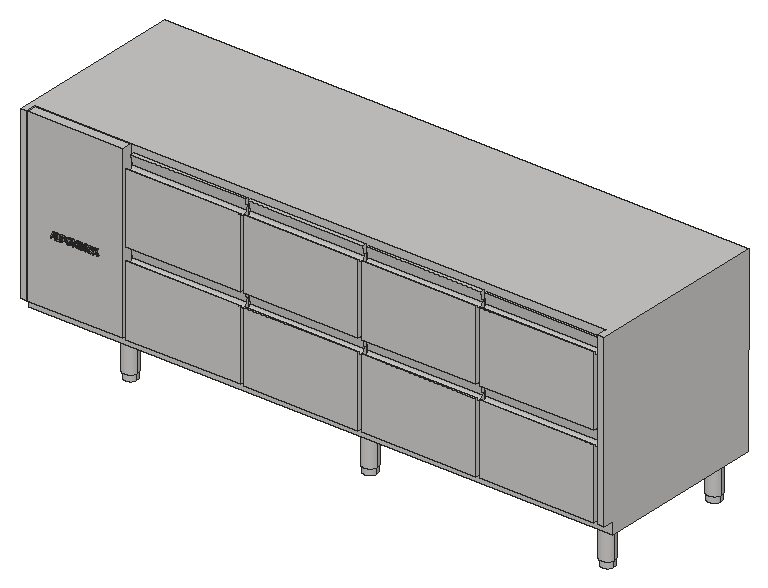
Revit family "QF_ALPENINOX_712086_AH4H7BBBB", category Specialty Equipment, Revit 2018 (continued)
Definition of nested family "ALP_Cooling Unit"
  Lines and regions (mm)
    Split face 130
      outline origin (55.016, 2, -281.14) x (0, 0, 1) y (-1, 0, 0)
        loop
          arc (502.647, 116.535) -> (506.648, 112.533) -> (510.649, 116.535) r 4.001
          line (510.649, 116.535) -> (510.649, 158.547)
    Split face 131
      outline origin (55.016, 2, -293.144) x (0, 0, 1) y (-1, 0, 0)
        loop
          arc (510.649, 158.547) -> (506.648, 162.548) -> (502.647, 158.547) r 4.001
          line (502.647, 158.547) -> (502.647, 116.535)
          arc (502.647, 116.535) -> (506.648, 112.533) -> (510.649, 116.535) r 4.001
          line (510.649, 116.535) -> (510.649, 158.547)
    Split face 132
      outline origin (110.032, 2, -113.091) x (0, 0, 1) y (-1, 0, 0)
        loop
          arc (510.649, 158.547) -> (506.648, 162.548) -> (502.647, 158.547) r 4.001
          line (502.647, 158.547) -> (502.647, 116.535)
          arc (502.647, 116.535) -> (506.648, 112.533) -> (510.649, 116.535) r 4.001
          line (510.649, 116.535) -> (510.649, 158.547)
    Split face 133
      outline origin (110.032, 2, -125.094) x (0, 0, 1) y (-1, 0, 0)
        loop
          arc (510.649, 158.547) -> (506.648, 162.548) -> (502.647, 158.547) r 4.001
          line (502.647, 158.547) -> (502.647, 116.535)
          arc (502.647, 116.535) -> (506.648, 112.533) -> (510.649, 116.535) r 4.001
          line (510.649, 116.535) -> (510.649, 158.547)
    Split face 134
      outline origin (110.032, 2, -137.098) x (0, 0, 1) y (-1, 0, 0)
        loop
          arc (510.649, 158.547) -> (506.648, 162.548) -> (502.647, 158.547) r 4.001
          line (502.647, 158.547) -> (502.647, 116.535)
          arc (502.647, 116.535) -> (506.648, 112.533) -> (510.649, 116.535) r 4.001
          line (510.649, 116.535) -> (510.649, 158.547)
    Split face 135
      outline origin (110.032, 2, -149.101) x (0, 0, 1) y (-1, 0, 0)
        loop
          arc (510.649, 158.547) -> (506.648, 162.548) -> (502.647, 158.547) r 4.001
          line (502.647, 158.547) -> (502.647, 116.535)
          arc (502.647, 116.535) -> (506.648, 112.533) -> (510.649, 116.535) r 4.001
          line (510.649, 116.535) -> (510.649, 158.547)
    Split face 136
      outline origin (110.032, 2, -161.105) x (0, 0, 1) y (-1, 0, 0)
        loop
          arc (510.649, 158.547) -> (506.648, 162.548) -> (502.647, 158.547) r 4.001
          line (502.647, 158.547) -> (502.647, 116.535)
          arc (502.647, 116.535) -> (506.648, 112.533) -> (510.649, 116.535) r 4.001
          line (510.649, 116.535) -> (510.649, 158.547)
    Split face 137
      outline origin (110.032, 2, -173.108) x (0, 0, 1) y (-1, 0, 0)
        loop
          arc (510.649, 158.547) -> (506.648, 162.548) -> (502.647, 158.547) r 4.001
          line (502.647, 158.547) -> (502.647, 116.535)
          arc (502.647, 116.535) -> (506.648, 112.533) -> (510.649, 116.535) r 4.001
          line (510.649, 116.535) -> (510.649, 158.547)
    Split face 138
      outline origin (110.032, 2, -185.112) x (0, 0, 1) y (-1, 0, 0)
        loop
          arc (510.649, 158.547) -> (506.648, 162.548) -> (502.647, 158.547) r 4.001
          line (502.647, 158.547) -> (502.647, 116.535)
          arc (502.647, 116.535) -> (506.648, 112.533) -> (510.649, 116.535) r 4.001
          line (510.649, 116.535) -> (510.649, 158.547)
    Split face 139
      outline origin (110.032, 2, -197.115) x (0, 0, 1) y (-1, 0, 0)
        loop
          arc (510.649, 158.547) -> (506.648, 162.548) -> (502.647, 158.547) r 4.001
          line (502.647, 158.547) -> (502.647, 116.535)
          arc (502.647, 116.535) -> (506.648, 112.533) -> (510.649, 116.535) r 4.001
          line (510.649, 116.535) -> (510.649, 158.547)
    Split face 140
      outline origin (110.032, 2, -209.119) x (0, 0, 1) y (-1, 0, 0)
        loop
          arc (510.649, 158.547) -> (506.648, 162.548) -> (502.647, 158.547) r 4.001
          line (502.647, 158.547) -> (502.647, 116.535)
          arc (502.647, 116.535) -> (506.648, 112.533) -> (510.649, 116.535) r 4.001
          line (510.649, 116.535) -> (510.649, 158.547)
    Split face 141
      outline origin (110.032, 2, -221.122) x (0, 0, 1) y (-1, 0, 0)
        loop
          arc (510.649, 158.547) -> (506.648, 162.548) -> (502.647, 158.547) r 4.001
          line (502.647, 158.547) -> (502.647, 116.535)
          arc (502.647, 116.535) -> (506.648, 112.533) -> (510.649, 116.535) r 4.001
          line (510.649, 116.535) -> (510.649, 158.547)
    Split face 142
      outline origin (110.032, 2, -233.126) x (0, 0, 1) y (-1, 0, 0)
        loop
          arc (510.649, 158.547) -> (506.648, 162.548) -> (502.647, 158.547) r 4.001
          line (502.647, 158.547) -> (502.647, 116.535)
          arc (502.647, 116.535) -> (506.648, 112.533) -> (510.649, 116.535) r 4.001
          line (510.649, 116.535) -> (510.649, 158.547)
    Split face 143
      outline origin (110.032, 2, -245.129) x (0, 0, 1) y (-1, 0, 0)
        loop
          arc (510.649, 158.547) -> (506.648, 162.548) -> (502.647, 158.547) r 4.001
          line (502.647, 158.547) -> (502.647, 116.535)
          arc (502.647, 116.535) -> (506.648, 112.533) -> (510.649, 116.535) r 4.001
          line (510.649, 116.535) -> (510.649, 158.547)
    Split face 144
      outline origin (110.032, 2, -257.133) x (0, 0, 1) y (-1, 0, 0)
        loop
          arc (510.649, 158.547) -> (506.648, 162.548) -> (502.647, 158.547) r 4.001
          line (502.647, 158.547) -> (502.647, 116.535)
          arc (502.647, 116.535) -> (506.648, 112.533) -> (510.649, 116.535) r 4.001
          line (510.649, 116.535) -> (510.649, 158.547)
    Split face 145
      outline origin (110.032, 2, -269.136) x (0, 0, 1) y (-1, 0, 0)
        loop
          arc (510.649, 158.547) -> (506.648, 162.548) -> (502.647, 158.547) r 4.001
          line (502.647, 158.547) -> (502.647, 116.535)
          arc (502.647, 116.535) -> (506.648, 112.533) -> (510.649, 116.535) r 4.001
          line (510.649, 116.535) -> (510.649, 158.547)
    Split face 146
      outline origin (110.032, 2, -281.14) x (0, 0, 1) y (-1, 0, 0)
        loop
          arc (510.649, 158.547) -> (506.648, 162.548) -> (502.647, 158.547) r 4.001
          line (502.647, 158.547) -> (502.647, 116.535)
          arc (502.647, 116.535) -> (506.648, 112.533) -> (510.649, 116.535) r 4.001
          line (510.649, 116.535) -> (510.649, 158.547)
    Split face 147
      outline origin (110.032, 2, -293.144) x (0, 0, 1) y (-1, 0, 0)
        loop
          arc (510.649, 158.547) -> (506.648, 162.548) -> (502.647, 158.547) r 4.001
          line (502.647, 158.547) -> (502.647, 116.535)
          arc (502.647, 116.535) -> (506.648, 112.533) -> (510.649, 116.535) r 4.001
          line (510.649, 116.535) -> (510.649, 158.547)
    Split face 148
      outline origin (165.048, 2, -113.091) x (0, 0, 1) y (-1, 0, 0)
        loop
          arc (510.649, 158.547) -> (506.648, 162.548) -> (502.647, 158.547) r 4.001
          line (502.647, 158.547) -> (502.647, 116.535)
          arc (502.647, 116.535) -> (506.648, 112.533) -> (510.649, 116.535) r 4.001
          line (510.649, 116.535) -> (510.649, 158.547)
    Split face 149
      outline origin (165.048, 2, -125.094) x (0, 0, 1) y (-1, 0, 0)
        loop
          arc (510.649, 158.547) -> (506.648, 162.548) -> (502.647, 158.547) r 4.001
          line (502.647, 158.547) -> (502.647, 116.535)
          arc (502.647, 116.535) -> (506.648, 112.533) -> (510.649, 116.535) r 4.001
          line (510.649, 116.535) -> (510.649, 158.547)
    Split face 150
      outline origin (165.048, 2, -137.098) x (0, 0, 1) y (-1, 0, 0)
        loop
          arc (510.649, 158.547) -> (506.648, 162.548) -> (502.647, 158.547) r 4.001
          line (502.647, 158.547) -> (502.647, 116.535)
          arc (502.647, 116.535) -> (506.648, 112.533) -> (510.649, 116.535) r 4.001
          line (510.649, 116.535) -> (510.649, 158.547)
    Split face 151
      outline origin (165.048, 2, -149.101) x (0, 0, 1) y (-1, 0, 0)
        loop
          arc (510.649, 158.547) -> (506.648, 162.548) -> (502.647, 158.547) r 4.001
          line (502.647, 158.547) -> (502.647, 116.535)
          arc (502.647, 116.535) -> (506.648, 112.533) -> (510.649, 116.535) r 4.001
          line (510.649, 116.535) -> (510.649, 158.547)
    Split face 152
      outline origin (165.048, 2, -161.105) x (0, 0, 1) y (-1, 0, 0)
        loop
          arc (510.649, 158.547) -> (506.648, 162.548) -> (502.647, 158.547) r 4.001
          line (502.647, 158.547) -> (502.647, 116.535)
          arc (502.647, 116.535) -> (506.648, 112.533) -> (510.649, 116.535) r 4.001
          line (510.649, 116.535) -> (510.649, 158.547)
    Split face 153
      outline origin (165.048, 2, -173.108) x (0, 0, 1) y (-1, 0, 0)
        loop
          arc (510.649, 158.547) -> (506.648, 162.548) -> (502.647, 158.547) r 4.001
          line (502.647, 158.547) -> (502.647, 116.535)
          arc (502.647, 116.535) -> (506.648, 112.533) -> (510.649, 116.535) r 4.001
          line (510.649, 116.535) -> (510.649, 158.547)
    Split face 154
      outline origin (165.048, 2, -185.112) x (0, 0, 1) y (-1, 0, 0)
        loop
          arc (510.649, 158.547) -> (506.648, 162.548) -> (502.647, 158.547) r 4.001
          line (502.647, 158.547) -> (502.647, 116.535)
          arc (502.647, 116.535) -> (506.648, 112.533) -> (510.649, 116.535) r 4.001
          line (510.649, 116.535) -> (510.649, 158.547)
    Split face 155
      outline origin (165.048, 2, -197.115) x (0, 0, 1) y (-1, 0, 0)
        loop
          arc (510.649, 158.547) -> (506.648, 162.548) -> (502.647, 158.547) r 4.001
          line (502.647, 158.547) -> (502.647, 116.535)
          arc (502.647, 116.535) -> (506.648, 112.533) -> (510.649, 116.535) r 4.001
          line (510.649, 116.535) -> (510.649, 158.547)
    Split face 156
      outline origin (165.048, 2, -209.119) x (0, 0, 1) y (-1, 0, 0)
        loop
          arc (510.649, 158.547) -> (506.648, 162.548) -> (502.647, 158.547) r 4.001
          line (502.647, 158.547) -> (502.647, 116.535)
          arc (502.647, 116.535) -> (506.648, 112.533) -> (510.649, 116.535) r 4.001
          line (510.649, 116.535) -> (510.649, 158.547)
    Split face 157
      outline origin (165.048, 2, -221.122) x (0, 0, 1) y (-1, 0, 0)
        loop
          arc (510.649, 158.547) -> (506.648, 162.548) -> (502.647, 158.547) r 4.001
          line (502.647, 158.547) -> (502.647, 116.535)
          arc (502.647, 116.535) -> (506.648, 112.533) -> (510.649, 116.535) r 4.001
          line (510.649, 116.535) -> (510.649, 158.547)
    Split face 158
      outline origin (165.048, 2, -233.126) x (0, 0, 1) y (-1, 0, 0)
        loop
          arc (510.649, 158.547) -> (506.648, 162.548) -> (502.647, 158.547) r 4.001
          line (502.647, 158.547) -> (502.647, 116.535)
          arc (502.647, 116.535) -> (506.648, 112.533) -> (510.649, 116.535) r 4.001
          line (510.649, 116.535) -> (510.649, 158.547)
    Split face 159
      outline origin (165.048, 2, -245.129) x (0, 0, 1) y (-1, 0, 0)
        loop
          arc (510.649, 158.547) -> (506.648, 162.548) -> (502.647, 158.547) r 4.001
          line (502.647, 158.547) -> (502.647, 116.535)
          arc (502.647, 116.535) -> (506.648, 112.533) -> (510.649, 116.535) r 4.001
          line (510.649, 116.535) -> (510.649, 158.547)
    Split face 160
      outline origin (165.048, 2, -257.133) x (0, 0, 1) y (-1, 0, 0)
        loop
          arc (510.649, 158.547) -> (506.648, 162.548) -> (502.647, 158.547) r 4.001
          line (502.647, 158.547) -> (502.647, 116.535)
          arc (502.647, 116.535) -> (506.648, 112.533) -> (510.649, 116.535) r 4.001
          line (510.649, 116.535) -> (510.649, 158.547)
    Split face 161
      outline origin (165.048, 2, -269.136) x (0, 0, 1) y (-1, 0, 0)
        loop
          arc (510.649, 158.547) -> (506.648, 162.548) -> (502.647, 158.547) r 4.001
          line (502.647, 158.547) -> (502.647, 116.535)
          arc (502.647, 116.535) -> (506.648, 112.533) -> (510.649, 116.535) r 4.001
          line (510.649, 116.535) -> (510.649, 158.547)
    Split face 162
      outline origin (165.048, 2, -281.14) x (0, 0, 1) y (-1, 0, 0)
        loop
          arc (510.649, 158.547) -> (506.648, 162.548) -> (502.647, 158.547) r 4.001
          line (502.647, 158.547) -> (502.647, 116.535)
          arc (502.647, 116.535) -> (506.648, 112.533) -> (510.649, 116.535) r 4.001
          line (510.649, 116.535) -> (510.649, 158.547)
    Split face 163
      outline origin (165.048, 2, -293.144) x (0, 0, 1) y (-1, 0, 0)
        loop
          arc (510.649, 158.547) -> (506.648, 162.548) -> (502.647, 158.547) r 4.001
          line (502.647, 158.547) -> (502.647, 116.535)
          arc (502.647, 116.535) -> (506.648, 112.533) -> (510.649, 116.535) r 4.001
          line (510.649, 116.535) -> (510.649, 158.547)
    Split face 164
      outline origin (220.064, 2, -113.091) x (0, 0, 1) y (-1, 0, 0)
        loop
          arc (510.649, 158.547) -> (506.648, 162.548) -> (502.647, 158.547) r 4.001
          line (502.647, 158.547) -> (502.647, 116.535)
          arc (502.647, 116.535) -> (506.648, 112.533) -> (510.649, 116.535) r 4.001
          line (510.649, 116.535) -> (510.649, 158.547)
    Split face 165
      outline origin (220.064, 2, -125.094) x (0, 0, 1) y (-1, 0, 0)
        loop
          arc (510.649, 158.547) -> (506.648, 162.548) -> (502.647, 158.547) r 4.001
          line (502.647, 158.547) -> (502.647, 116.535)
          arc (502.647, 116.535) -> (506.648, 112.533) -> (510.649, 116.535) r 4.001
          line (510.649, 116.535) -> (510.649, 158.547)
    Split face 166
      outline origin (220.064, 2, -137.098) x (0, 0, 1) y (-1, 0, 0)
        loop
          arc (510.649, 158.547) -> (506.648, 162.548) -> (502.647, 158.547) r 4.001
          line (502.647, 158.547) -> (502.647, 116.535)
          arc (502.647, 116.535) -> (506.648, 112.533) -> (510.649, 116.535) r 4.001
          line (510.649, 116.535) -> (510.649, 158.547)
    Split face 167
      outline origin (220.064, 2, -149.101) x (0, 0, 1) y (-1, 0, 0)
        loop
          arc (510.649, 158.547) -> (506.648, 162.548) -> (502.647, 158.547) r 4.001
          line (502.647, 158.547) -> (502.647, 116.535)
          arc (502.647, 116.535) -> (506.648, 112.533) -> (510.649, 116.535) r 4.001
          line (510.649, 116.535) -> (510.649, 158.547)
    Split face 168
      outline origin (220.064, 2, -161.105) x (0, 0, 1) y (-1, 0, 0)
        loop
          arc (510.649, 158.547) -> (506.648, 162.548) -> (502.647, 158.547) r 4.001
          line (502.647, 158.547) -> (502.647, 116.535)
          arc (502.647, 116.535) -> (506.648, 112.533) -> (510.649, 116.535) r 4.001
          line (510.649, 116.535) -> (510.649, 158.547)
    Split face 169
      outline origin (220.064, 2, -173.108) x (0, 0, 1) y (-1, 0, 0)
        loop
          arc (510.649, 158.547) -> (506.648, 162.548) -> (502.647, 158.547) r 4.001
          line (502.647, 158.547) -> (502.647, 116.535)
          arc (502.647, 116.535) -> (506.648, 112.533) -> (510.649, 116.535) r 4.001
          line (510.649, 116.535) -> (510.649, 158.547)
    Split face 170
      outline origin (220.064, 2, -185.112) x (0, 0, 1) y (-1, 0, 0)
        loop
          arc (510.649, 158.547) -> (506.648, 162.548) -> (502.647, 158.547) r 4.001
          line (502.647, 158.547) -> (502.647, 116.535)
          arc (502.647, 116.535) -> (506.648, 112.533) -> (510.649, 116.535) r 4.001
          line (510.649, 116.535) -> (510.649, 158.547)
    Split face 171
      outline origin (220.064, 2, -197.115) x (0, 0, 1) y (-1, 0, 0)
        loop
          arc (510.649, 158.547) -> (506.648, 162.548) -> (502.647, 158.547) r 4.001
          line (502.647, 158.547) -> (502.647, 116.535)
          arc (502.647, 116.535) -> (506.648, 112.533) -> (510.649, 116.535) r 4.001
          line (510.649, 116.535) -> (510.649, 158.547)
    Split face 172
      outline origin (220.064, 2, -209.119) x (0, 0, 1) y (-1, 0, 0)
        loop
          arc (510.649, 158.547) -> (506.648, 162.548) -> (502.647, 158.547) r 4.001
          line (502.647, 158.547) -> (502.647, 116.535)
          arc (502.647, 116.535) -> (506.648, 112.533) -> (510.649, 116.535) r 4.001
          line (510.649, 116.535) -> (510.649, 158.547)
    Split face 173
      outline origin (220.064, 2, -221.122) x (0, 0, 1) y (-1, 0, 0)
        loop
          arc (510.649, 158.547) -> (506.648, 162.548) -> (502.647, 158.547) r 4.001
          line (502.647, 158.547) -> (502.647, 116.535)
          arc (502.647, 116.535) -> (506.648, 112.533) -> (510.649, 116.535) r 4.001
          line (510.649, 116.535) -> (510.649, 158.547)
    Split face 174
      outline origin (220.064, 2, -233.126) x (0, 0, 1) y (-1, 0, 0)
        loop
          arc (510.649, 158.547) -> (506.648, 162.548) -> (502.647, 158.547) r 4.001
          line (502.647, 158.547) -> (502.647, 116.535)
          arc (502.647, 116.535) -> (506.648, 112.533) -> (510.649, 116.535) r 4.001
          line (510.649, 116.535) -> (510.649, 158.547)
    Split face 175
      outline origin (220.064, 2, -245.129) x (0, 0, 1) y (-1, 0, 0)
        loop
          arc (510.649, 158.547) -> (506.648, 162.548) -> (502.647, 158.547) r 4.001
          line (502.647, 158.547) -> (502.647, 116.535)
          arc (502.647, 116.535) -> (506.648, 112.533) -> (510.649, 116.535) r 4.001
          line (510.649, 116.535) -> (510.649, 158.547)
    Split face 176
      outline origin (220.064, 2, -257.133) x (0, 0, 1) y (-1, 0, 0)
        loop
          arc (510.649, 158.547) -> (506.648, 162.548) -> (502.647, 158.547) r 4.001
          line (502.647, 158.547) -> (502.647, 116.535)
          arc (502.647, 116.535) -> (506.648, 112.533) -> (510.649, 116.535) r 4.001
          line (510.649, 116.535) -> (510.649, 158.547)
    Split face 177
      outline origin (220.064, 2, -269.136) x (0, 0, 1) y (-1, 0, 0)
        loop
          arc (510.649, 158.547) -> (506.648, 162.548) -> (502.647, 158.547) r 4.001
          line (502.647, 158.547) -> (502.647, 116.535)
          arc (502.647, 116.535) -> (506.648, 112.533) -> (510.649, 116.535) r 4.001
          line (510.649, 116.535) -> (510.649, 158.547)
    Split face 178
      outline origin (220.064, 2, -281.14) x (0, 0, 1) y (-1, 0, 0)
        loop
          arc (510.649, 158.547) -> (506.648, 162.548) -> (502.647, 158.547) r 4.001
          line (502.647, 158.547) -> (502.647, 116.535)
          arc (502.647, 116.535) -> (506.648, 112.533) -> (510.649, 116.535) r 4.001
          line (510.649, 116.535) -> (510.649, 158.547)
    Split face 179
      outline origin (220.064, 2, -293.144) x (0, 0, 1) y (-1, 0, 0)
        loop
          arc (510.649, 158.547) -> (506.648, 162.548) -> (502.647, 158.547) r 4.001
          line (502.647, 158.547) -> (502.647, 116.535)
          arc (502.647, 116.535) -> (506.648, 112.533) -> (510.649, 116.535) r 4.001
          line (510.649, 116.535) -> (510.649, 158.547)
    Split face 180
      outline origin (275.081, 2, -113.091) x (0, 0, 1) y (-1, 0, 0)
        loop
          arc (510.649, 158.547) -> (506.648, 162.548) -> (502.647, 158.547) r 4.001
          line (502.647, 158.547) -> (502.647, 116.535)
          arc (502.647, 116.535) -> (506.648, 112.533) -> (510.649, 116.535) r 4.001
          line (510.649, 116.535) -> (510.649, 158.547)
    Split face 181
      outline origin (275.081, 2, -125.094) x (0, 0, 1) y (-1, 0, 0)
        loop
          arc (510.649, 158.547) -> (506.648, 162.548) -> (502.647, 158.547) r 4.001
          line (502.647, 158.547) -> (502.647, 116.535)
          arc (502.647, 116.535) -> (506.648, 112.533) -> (510.649, 116.535) r 4.001
          line (510.649, 116.535) -> (510.649, 158.547)
    Split face 182
      outline origin (275.081, 2, -137.098) x (0, 0, 1) y (-1, 0, 0)
        loop
          arc (510.649, 158.547) -> (506.648, 162.548) -> (502.647, 158.547) r 4.001
          line (502.647, 158.547) -> (502.647, 116.535)
          arc (502.647, 116.535) -> (506.648, 112.533) -> (510.649, 116.535) r 4.001
          line (510.649, 116.535) -> (510.649, 158.547)
    Split face 183
      outline origin (275.081, 2, -149.101) x (0, 0, 1) y (-1, 0, 0)
        loop
          arc (510.649, 158.547) -> (506.648, 162.548) -> (502.647, 158.547) r 4.001
          line (502.647, 158.547) -> (502.647, 116.535)
          arc (502.647, 116.535) -> (506.648, 112.533) -> (510.649, 116.535) r 4.001
          line (510.649, 116.535) -> (510.649, 158.547)
    Split face 184
      outline origin (275.081, 2, -161.105) x (0, 0, 1) y (-1, 0, 0)
        loop
          arc (510.649, 158.547) -> (506.648, 162.548) -> (502.647, 158.547) r 4.001
          line (502.647, 158.547) -> (502.647, 116.535)
          arc (502.647, 116.535) -> (506.648, 112.533) -> (510.649, 116.535) r 4.001
          line (510.649, 116.535) -> (510.649, 158.547)
    Split face 185
      outline origin (275.081, 2, -173.108) x (0, 0, 1) y (-1, 0, 0)
        loop
          arc (510.649, 158.547) -> (506.648, 162.548) -> (502.647, 158.547) r 4.001
          line (502.647, 158.547) -> (502.647, 116.535)
          arc (502.647, 116.535) -> (506.648, 112.533) -> (510.649, 116.535) r 4.001
          line (510.649, 116.535) -> (510.649, 158.547)
    Split face 186
      outline origin (275.081, 2, -185.112) x (0, 0, 1) y (-1, 0, 0)
        loop
          arc (510.649, 158.547) -> (506.648, 162.548) -> (502.647, 158.547) r 4.001
          line (502.647, 158.547) -> (502.647, 116.535)
          arc (502.647, 116.535) -> (506.648, 112.533) -> (510.649, 116.535) r 4.001
          line (510.649, 116.535) -> (510.649, 158.547)
    Split face 187
      outline origin (275.081, 2, -197.115) x (0, 0, 1) y (-1, 0, 0)
        loop
          arc (510.649, 158.547) -> (506.648, 162.548) -> (502.647, 158.547) r 4.001
          line (502.647, 158.547) -> (502.647, 116.535)
          arc (502.647, 116.535) -> (506.648, 112.533) -> (510.649, 116.535) r 4.001
          line (510.649, 116.535) -> (510.649, 158.547)
    Split face 188
      outline origin (275.081, 2, -209.119) x (0, 0, 1) y (-1, 0, 0)
        loop
          arc (510.649, 158.547) -> (506.648, 162.548) -> (502.647, 158.547) r 4.001
          line (502.647, 158.547) -> (502.647, 116.535)
          arc (502.647, 116.535) -> (506.648, 112.533) -> (510.649, 116.535) r 4.001
          line (510.649, 116.535) -> (510.649, 158.547)
    Split face 189
      outline origin (275.081, 2, -221.122) x (0, 0, 1) y (-1, 0, 0)
        loop
          arc (510.649, 158.547) -> (506.648, 162.548) -> (502.647, 158.547) r 4.001
          line (502.647, 158.547) -> (502.647, 116.535)
          arc (502.647, 116.535) -> (506.648, 112.533) -> (510.649, 116.535) r 4.001
          line (510.649, 116.535) -> (510.649, 158.547)
    Split face 190
      outline origin (275.081, 2, -233.126) x (0, 0, 1) y (-1, 0, 0)
        loop
          arc (510.649, 158.547) -> (506.648, 162.548) -> (502.647, 158.547) r 4.001
          line (502.647, 158.547) -> (502.647, 116.535)
          arc (502.647, 116.535) -> (506.648, 112.533) -> (510.649, 116.535) r 4.001
          line (510.649, 116.535) -> (510.649, 158.547)
    Split face 191
      outline origin (275.081, 2, -245.129) x (0, 0, 1) y (-1, 0, 0)
        loop
          arc (510.649, 158.547) -> (506.648, 162.548) -> (502.647, 158.547) r 4.001
          line (502.647, 158.547) -> (502.647, 116.535)
          arc (502.647, 116.535) -> (506.648, 112.533) -> (510.649, 116.535) r 4.001
          line (510.649, 116.535) -> (510.649, 158.547)
    Split face 192
      outline origin (275.081, 2, -257.133) x (0, 0, 1) y (-1, 0, 0)
        loop
          arc (510.649, 158.547) -> (506.648, 162.548) -> (502.647, 158.547) r 4.001
          line (502.647, 158.547) -> (502.647, 116.535)
          arc (502.647, 116.535) -> (506.648, 112.533) -> (510.649, 116.535) r 4.001
          line (510.649, 116.535) -> (510.649, 158.547)
    Split face 193
      outline origin (275.081, 2, -269.136) x (0, 0, 1) y (-1, 0, 0)
        loop
          arc (510.649, 158.547) -> (506.648, 162.548) -> (502.647, 158.547) r 4.001
          line (502.647, 158.547) -> (502.647, 116.535)
          arc (502.647, 116.535) -> (506.648, 112.533) -> (510.649, 116.535) r 4.001
          line (510.649, 116.535) -> (510.649, 158.547)
    Split face 194
      outline origin (275.081, 2, -281.14) x (0, 0, 1) y (-1, 0, 0)
        loop
          arc (510.649, 158.547) -> (506.648, 162.548) -> (502.647, 158.547) r 4.001
          line (502.647, 158.547) -> (502.647, 116.535)
          arc (502.647, 116.535) -> (506.648, 112.533) -> (510.649, 116.535) r 4.001
          line (510.649, 116.535) -> (510.649, 158.547)
    Split face 195
      outline origin (275.081, 2, -293.144) x (0, 0, 1) y (-1, 0, 0)
        loop
          arc (510.649, 158.547) -> (506.648, 162.548) -> (502.647, 158.547) r 4.001
          line (502.647, 158.547) -> (502.647, 116.535)
          arc (502.647, 116.535) -> (506.648, 112.533) -> (510.649, 116.535) r 4.001
          line (510.649, 116.535) -> (510.649, 158.547)
  Dimensions and locks
    aligned and locked: level to plane 2
  Nested families
    nested 1: "ALP_Logo_S" at (0, 2, 458.586) x (1, 0, 0) z (0, -1, 0), visible <- "Show Logo", type "ALP_Logo_S"
  Definition of nested family "ALP_Logo_S"
    Parameters
      Default Elevation = 0 mm
    Reference planes
      plane 1 "Centro (Fronte/Retro)": y = 0
      plane 2: z = 0
      plane 3 "Centro (Sinistra/Destra)": x = 0
    Forms (mm)
      Extrusion 1, solid
        sketch origin (0, 0, 0) x (1, 0, 0) y (0, 1, 0)
          loop
            line (-1219.2, 1219.2) -> (-1219.2, -1219.2) -> (1219.2, -1219.2) -> (1219.2, 1219.2) -> (-1219.2, 1219.2)
        from 0 to -304.8
      Extrusion 2, solid
        sketch origin (17.793, -46.218, 0) x (-1, 0, 0) y (0, -1, 0)
          loop
            line (109.007, -37.469) -> (109.244, -36.361)
            spline (109.244, -36.361) -> (109.221, -36.03) -> (109.153, -35.716) -> (109.043, -35.42) -> (108.895, -35.146) -> (108.713, -34.896) -> (108.498, -34.671) -> (108.255, -34.475) -> (107.987, -34.309) -> (107.697, -34.176) -> (107.388, -34.078) -> (107.064, -34.017) -> (106.728, -33.997)
            spline (106.728, -33.997) -> (106.393, -34.012) -> (106.085, -34.057) -> (105.803, -34.129) -> (105.547, -34.228) -> (105.315, -34.352) -> (105.105, -34.499) -> (104.918, -34.668) -> (104.752, -34.858) -> (104.605, -35.066) -> (104.478, -35.291) -> (104.368, -35.532) -> (104.275, -35.787)
            line (104.275, -35.787) -> (103.256, -38.92) -> (93.799, -38.92) -> (92.773, -35.75)
            spline (92.773, -35.75) -> (92.68, -35.504) -> (92.57, -35.27) -> (92.443, -35.05) -> (92.296, -34.847) -> (92.129, -34.661) -> (91.941, -34.495) -> (91.729, -34.35) -> (91.494, -34.227) -> (91.234, -34.129) -> (90.948, -34.056) -> (90.634, -34.012) -> (90.292, -33.997)
            spline (90.292, -33.997) -> (89.98, -34.015) -> (89.679, -34.07) -> (89.392, -34.16) -> (89.122, -34.282) -> (88.871, -34.436) -> (88.644, -34.618) -> (88.442, -34.828) -> (88.271, -35.063) -> (88.132, -35.322) -> (88.028, -35.604) -> (87.964, -35.905) -> (87.942, -36.225)
            line (87.942, -36.225) -> (88.215, -37.469) -> (94.885, -55.826)
            spline (94.885, -55.826) -> (95.044, -56.22) -> (95.23, -56.593) -> (95.444, -56.943) -> (95.685, -57.268) -> (95.953, -57.564) -> (96.246, -57.829) -> (96.565, -58.06) -> (96.909, -58.255) -> (97.278, -58.412) -> (97.672, -58.527) -> (98.088, -58.597) -> (98.529, -58.622)
            spline (98.529, -58.622) -> (98.953, -58.596) -> (99.359, -58.522) -> (99.746, -58.402) -> (100.112, -58.241) -> (100.457, -58.04) -> (100.78, -57.804) -> (101.078, -57.536) -> (101.351, -57.238) -> (101.599, -56.916) -> (101.818, -56.57) -> (102.009, -56.206) -> (102.171, -55.826)
            line (102.171, -55.826) -> (109.007, -37.469)
          loop
            line (101.794, -43.576) -> (95.326, -43.576) -> (98.522, -53.458) -> (101.794, -43.576)
          loop
            spline (85.755, -36.964) -> (85.735, -36.556) -> (85.675, -36.175) -> (85.576, -35.822) -> (85.439, -35.499) -> (85.266, -35.208) -> (85.056, -34.95) -> (84.812, -34.727) -> (84.534, -34.541) -> (84.223, -34.394) -> (83.881, -34.286) -> (83.507, -34.22) -> (83.104, -34.198)
            line (83.104, -34.198) -> (74.598, -34.198)
            spline (74.598, -34.198) -> (74.236, -34.221) -> (73.9, -34.286) -> (73.592, -34.39) -> (73.311, -34.528) -> (73.058, -34.698) -> (72.835, -34.895) -> (72.641, -35.114) -> (72.478, -35.354) -> (72.347, -35.608) -> (72.247, -35.874) -> (72.181, -36.148) -> (72.148, -36.426)
            spline (72.148, -36.426) -> (72.156, -36.715) -> (72.197, -37.004) -> (72.272, -37.289) -> (72.382, -37.565) -> (72.528, -37.827) -> (72.709, -38.07) -> (72.927, -38.288) -> (73.183, -38.478) -> (73.478, -38.635) -> (73.811, -38.752) -> (74.184, -38.827) -> (74.598, -38.852)
            line (74.598, -38.852) -> (80.653, -38.852) -> (80.653, -55.789)
            spline (80.653, -55.789) -> (80.675, -56.195) -> (80.741, -56.569) -> (80.846, -56.912) -> (80.99, -57.221) -> (81.169, -57.497) -> (81.381, -57.738) -> (81.624, -57.944) -> (81.894, -58.114) -> (82.191, -58.247) -> (82.51, -58.343) -> (82.85, -58.402) -> (83.208, -58.421)
            spline (83.208, -58.421) -> (83.565, -58.402) -> (83.904, -58.343) -> (84.222, -58.247) -> (84.517, -58.114) -> (84.787, -57.944) -> (85.029, -57.738) -> (85.241, -57.497) -> (85.419, -57.221) -> (85.563, -56.912) -> (85.668, -56.569) -> (85.733, -56.195) -> (85.755, -55.789)
            line (85.755, -55.789) -> (85.755, -36.964)
          loop
            spline (69.963, -36.629) -> (69.941, -36.222) -> (69.876, -35.847) -> (69.77, -35.505) -> (69.627, -35.196) -> (69.448, -34.921) -> (69.236, -34.68) -> (68.993, -34.474) -> (68.723, -34.305) -> (68.427, -34.171) -> (68.108, -34.075) -> (67.769, -34.017) -> (67.412, -33.998)
            spline (67.412, -33.998) -> (67.055, -34.017) -> (66.716, -34.075) -> (66.397, -34.171) -> (66.101, -34.305) -> (65.832, -34.474) -> (65.59, -34.68) -> (65.378, -34.921) -> (65.2, -35.196) -> (65.057, -35.505) -> (64.951, -35.847) -> (64.886, -36.222) -> (64.864, -36.629)
            line (64.864, -36.629) -> (64.864, -42.161) -> (61.085, -42.161)
            spline (61.085, -42.161) -> (59.938, -42.224) -> (58.836, -42.411) -> (57.789, -42.717) -> (56.807, -43.139) -> (55.902, -43.671) -> (55.083, -44.311) -> (54.361, -45.053) -> (53.747, -45.894) -> (53.251, -46.829) -> (52.884, -47.854) -> (52.656, -48.965) -> (52.577, -50.158)
            spline (52.577, -50.158) -> (52.653, -51.33) -> (52.875, -52.429) -> (53.235, -53.452) -> (53.724, -54.391) -> (54.334, -55.241) -> (55.057, -55.997) -> (55.884, -56.652) -> (56.807, -57.201) -> (57.817, -57.638) -> (58.906, -57.957) -> (60.067, -58.153) -> (61.289, -58.22)
            line (61.289, -58.22) -> (67.306, -58.22)
            spline (67.306, -58.22) -> (67.716, -58.198) -> (68.095, -58.135) -> (68.44, -58.031) -> (68.752, -57.889) -> (69.031, -57.711) -> (69.274, -57.498) -> (69.482, -57.251) -> (69.653, -56.974) -> (69.788, -56.667) -> (69.885, -56.332) -> (69.944, -55.972) -> (69.963, -55.587)
            line (69.963, -55.587) -> (69.963, -36.629)
          loop
            line (64.864, -53.764) -> (64.864, -46.61) -> (61.384, -46.61)
            spline (61.384, -46.61) -> (60.866, -46.642) -> (60.382, -46.735) -> (59.935, -46.885) -> (59.526, -47.089) -> (59.158, -47.342) -> (58.832, -47.641) -> (58.551, -47.983) -> (58.317, -48.362) -> (58.131, -48.777) -> (57.995, -49.222) -> (57.913, -49.694) -> (57.885, -50.189)
            spline (57.885, -50.189) -> (57.913, -50.684) -> (57.995, -51.156) -> (58.131, -51.601) -> (58.317, -52.015) -> (58.551, -52.394) -> (58.832, -52.735) -> (59.158, -53.034) -> (59.526, -53.287) -> (59.935, -53.49) -> (60.382, -53.64) -> (60.866, -53.733) -> (61.384, -53.764)
            line (61.384, -53.764) -> (64.864, -53.764)
          loop
            spline (32.388, -43.737) -> (31.645, -43.763) -> (30.977, -43.84) -> (30.381, -43.966) -> (29.857, -44.139) -> (29.401, -44.355) -> (29.012, -44.613) -> (28.688, -44.91) -> (28.428, -45.245) -> (28.228, -45.614) -> (28.088, -46.015) -> (28.006, -46.447) -> (27.979, -46.906)
            spline (27.979, -46.906) -> (28.073, -48.241) -> (28.349, -49.591) -> (28.801, -50.931) -> (29.42, -52.236) -> (30.198, -53.481) -> (31.128, -54.642) -> (32.202, -55.693) -> (33.412, -56.608) -> (34.751, -57.364) -> (36.211, -57.935) -> (37.784, -58.296) -> (39.462, -58.422)
            spline (39.462, -58.422) -> (41.103, -58.303) -> (42.649, -57.959) -> (44.091, -57.408) -> (45.422, -56.668) -> (46.63, -55.759) -> (47.707, -54.697) -> (48.644, -53.501) -> (49.431, -52.19) -> (50.059, -50.782) -> (50.52, -49.295) -> (50.803, -47.748) -> (50.899, -46.159)
            spline (50.899, -46.159) -> (50.801, -44.451) -> (50.511, -42.83) -> (50.039, -41.308) -> (49.392, -39.896) -> (48.579, -38.607) -> (47.608, -37.451) -> (46.488, -36.441) -> (45.226, -35.588) -> (43.831, -34.905) -> (42.311, -34.402) -> (40.675, -34.091) -> (38.93, -33.985)
            spline (38.93, -33.985) -> (37.728, -34.039) -> (36.511, -34.193) -> (35.301, -34.44) -> (34.12, -34.77) -> (32.993, -35.175) -> (31.942, -35.645) -> (30.99, -36.172) -> (30.16, -36.746) -> (29.474, -37.36) -> (28.956, -38.004) -> (28.628, -38.669) -> (28.514, -39.347)
            spline (28.514, -39.347) -> (28.53, -39.685) -> (28.577, -40.017) -> (28.656, -40.338) -> (28.765, -40.643) -> (28.905, -40.928) -> (29.073, -41.19) -> (29.27, -41.423) -> (29.495, -41.623) -> (29.748, -41.787) -> (30.028, -41.91) -> (30.333, -41.987) -> (30.665, -42.014)
            spline (30.665, -42.014) -> (31.199, -41.95) -> (31.712, -41.768) -> (32.22, -41.491) -> (32.738, -41.145) -> (33.281, -40.752) -> (33.868, -40.337) -> (34.512, -39.924) -> (35.23, -39.537) -> (36.038, -39.199) -> (36.952, -38.934) -> (37.987, -38.768) -> (39.161, -38.722)
            spline (39.161, -38.722) -> (39.894, -38.774) -> (40.606, -38.897) -> (41.291, -39.091) -> (41.943, -39.354) -> (42.554, -39.684) -> (43.119, -40.08) -> (43.632, -40.54) -> (44.086, -41.061) -> (44.475, -41.643) -> (44.792, -42.285) -> (45.032, -42.983) -> (45.188, -43.737)
            line (45.188, -43.737) -> (32.388, -43.737)
          loop
            line (45.321, -48.475) -> (33.559, -48.475)
            spline (33.559, -48.475) -> (33.693, -49.163) -> (33.914, -49.841) -> (34.214, -50.497) -> (34.588, -51.123) -> (35.029, -51.71) -> (35.531, -52.248) -> (36.087, -52.729) -> (36.691, -53.143) -> (37.337, -53.481) -> (38.018, -53.734) -> (38.729, -53.893) -> (39.462, -53.948)
            spline (39.462, -53.948) -> (40.168, -53.891) -> (40.86, -53.728) -> (41.531, -53.468) -> (42.173, -53.123) -> (42.779, -52.701) -> (43.339, -52.214) -> (43.847, -51.671) -> (44.295, -51.082) -> (44.674, -50.458) -> (44.976, -49.809) -> (45.195, -49.144) -> (45.321, -48.475)
          loop
            spline (25.297, -36.629) -> (25.275, -36.222) -> (25.209, -35.847) -> (25.103, -35.505) -> (24.958, -35.196) -> (24.779, -34.92) -> (24.566, -34.679) -> (24.323, -34.474) -> (24.052, -34.304) -> (23.755, -34.17) -> (23.436, -34.074) -> (23.096, -34.016) -> (22.739, -33.997)
            spline (22.739, -33.997) -> (22.382, -34.016) -> (22.043, -34.074) -> (21.724, -34.17) -> (21.429, -34.304) -> (21.158, -34.474) -> (20.916, -34.679) -> (20.704, -34.92) -> (20.525, -35.196) -> (20.382, -35.505) -> (20.276, -35.847) -> (20.211, -36.222) -> (20.189, -36.629)
            line (20.189, -36.629) -> (20.189, -49.304) -> (9.333, -35.11) -> (7.187, -33.997)
            spline (7.187, -33.997) -> (6.83, -34.016) -> (6.49, -34.074) -> (6.172, -34.17) -> (5.876, -34.304) -> (5.606, -34.474) -> (5.363, -34.679) -> (5.151, -34.92) -> (4.972, -35.196) -> (4.829, -35.505) -> (4.723, -35.847) -> (4.658, -36.222) -> (4.636, -36.629)
            line (4.636, -36.629) -> (4.636, -55.789)
            spline (4.636, -55.789) -> (4.658, -56.195) -> (4.723, -56.569) -> (4.829, -56.912) -> (4.972, -57.221) -> (5.151, -57.497) -> (5.363, -57.738) -> (5.606, -57.944) -> (5.876, -58.114) -> (6.172, -58.247) -> (6.49, -58.343) -> (6.83, -58.402) -> (7.187, -58.421)
            spline (7.187, -58.421) -> (7.545, -58.402) -> (7.885, -58.343) -> (8.204, -58.247) -> (8.5, -58.114) -> (8.771, -57.944) -> (9.014, -57.738) -> (9.226, -57.497) -> (9.405, -57.221) -> (9.549, -56.912) -> (9.654, -56.569) -> (9.719, -56.195) -> (9.742, -55.789)
            line (9.742, -55.789) -> (9.742, -42.947) -> (20.597, -57.305) -> (22.739, -58.421)
            spline (22.739, -58.421) -> (23.096, -58.402) -> (23.436, -58.343) -> (23.755, -58.247) -> (24.052, -58.114) -> (24.323, -57.944) -> (24.566, -57.738) -> (24.779, -57.497) -> (24.958, -57.221) -> (25.103, -56.912) -> (25.209, -56.569) -> (25.275, -56.195) -> (25.297, -55.789)
            line (25.297, -55.789) -> (25.297, -36.629)
          loop
            spline (1.445, -36.629) -> (1.422, -36.222) -> (1.357, -35.847) -> (1.252, -35.505) -> (1.108, -35.196) -> (0.929, -34.92) -> (0.717, -34.679) -> (0.475, -34.474) -> (0.204, -34.304) -> (-0.092, -34.17) -> (-0.411, -34.074) -> (-0.751, -34.016) -> (-1.109, -33.997)
            spline (-1.109, -33.997) -> (-1.467, -34.016) -> (-1.807, -34.074) -> (-2.125, -34.17) -> (-2.421, -34.304) -> (-2.691, -34.474) -> (-2.933, -34.679) -> (-3.145, -34.92) -> (-3.324, -35.196) -> (-3.467, -35.505) -> (-3.572, -35.847) -> (-3.637, -36.222) -> (-3.659, -36.629)
            line (-3.659, -36.629) -> (-3.659, -55.789)
            spline (-3.659, -55.789) -> (-3.637, -56.195) -> (-3.572, -56.569) -> (-3.467, -56.912) -> (-3.324, -57.221) -> (-3.145, -57.497) -> (-2.933, -57.738) -> (-2.691, -57.944) -> (-2.421, -58.114) -> (-2.125, -58.247) -> (-1.807, -58.343) -> (-1.467, -58.402) -> (-1.109, -58.421)
            spline (-1.109, -58.421) -> (-0.751, -58.402) -> (-0.411, -58.343) -> (-0.092, -58.247) -> (0.204, -58.114) -> (0.475, -57.944) -> (0.717, -57.738) -> (0.929, -57.497) -> (1.108, -57.221) -> (1.252, -56.912) -> (1.357, -56.569) -> (1.422, -56.195) -> (1.445, -55.789)
            line (1.445, -55.789) -> (1.445, -36.629)
          loop
            spline (-6.852, -36.629) -> (-6.875, -36.222) -> (-6.94, -35.847) -> (-7.045, -35.505) -> (-7.189, -35.196) -> (-7.368, -34.92) -> (-7.58, -34.679) -> (-7.822, -34.474) -> (-8.092, -34.304) -> (-8.388, -34.17) -> (-8.706, -34.074) -> (-9.046, -34.016) -> (-9.403, -33.997)
            spline (-9.403, -33.997) -> (-9.76, -34.016) -> (-10.1, -34.074) -> (-10.42, -34.17) -> (-10.716, -34.304) -> (-10.987, -34.474) -> (-11.23, -34.679) -> (-11.442, -34.92) -> (-11.621, -35.196) -> (-11.765, -35.505) -> (-11.871, -35.847) -> (-11.936, -36.222) -> (-11.958, -36.629)
            line (-11.958, -36.629) -> (-11.958, -49.304) -> (-22.814, -35.11) -> (-24.958, -33.997)
            spline (-24.958, -33.997) -> (-25.315, -34.016) -> (-25.655, -34.074) -> (-25.974, -34.17) -> (-26.27, -34.304) -> (-26.541, -34.474) -> (-26.784, -34.679) -> (-26.996, -34.92) -> (-27.175, -35.196) -> (-27.319, -35.505) -> (-27.424, -35.847) -> (-27.49, -36.222) -> (-27.512, -36.629)
            line (-27.512, -36.629) -> (-27.512, -55.789)
            spline (-27.512, -55.789) -> (-27.49, -56.195) -> (-27.424, -56.569) -> (-27.319, -56.912) -> (-27.175, -57.221) -> (-26.996, -57.497) -> (-26.784, -57.738) -> (-26.541, -57.944) -> (-26.27, -58.114) -> (-25.974, -58.247) -> (-25.655, -58.343) -> (-25.315, -58.402) -> (-24.958, -58.421)
            spline (-24.958, -58.421) -> (-24.6, -58.402) -> (-24.26, -58.343) -> (-23.941, -58.247) -> (-23.646, -58.114) -> (-23.375, -57.944) -> (-23.133, -57.738) -> (-22.921, -57.497) -> (-22.743, -57.221) -> (-22.599, -56.912) -> (-22.494, -56.569) -> (-22.429, -56.195) -> (-22.407, -55.789)
            line (-22.407, -55.789) -> (-22.407, -42.949) -> (-11.549, -57.305) -> (-9.403, -58.421)
            spline (-9.403, -58.421) -> (-9.046, -58.402) -> (-8.706, -58.343) -> (-8.388, -58.247) -> (-8.092, -58.114) -> (-7.822, -57.944) -> (-7.58, -57.738) -> (-7.368, -57.497) -> (-7.189, -57.221) -> (-7.045, -56.912) -> (-6.94, -56.569) -> (-6.875, -56.195) -> (-6.852, -55.789)
            line (-6.852, -55.789) -> (-6.852, -36.629)
          loop
            spline (-41.905, -33.794) -> (-43.601, -33.905) -> (-45.194, -34.229) -> (-46.677, -34.752) -> (-48.04, -35.461) -> (-49.275, -36.342) -> (-50.373, -37.383) -> (-51.326, -38.569) -> (-52.125, -39.887) -> (-52.761, -41.323) -> (-53.226, -42.864) -> (-53.512, -44.497) -> (-53.609, -46.208)
            spline (-53.609, -46.208) -> (-53.509, -47.892) -> (-53.217, -49.507) -> (-52.742, -51.038) -> (-52.094, -52.472) -> (-51.284, -53.792) -> (-50.321, -54.984) -> (-49.216, -56.034) -> (-47.978, -56.926) -> (-46.618, -57.646) -> (-45.146, -58.178) -> (-43.572, -58.509) -> (-41.905, -58.622)
            spline (-41.905, -58.622) -> (-40.216, -58.512) -> (-38.628, -58.19) -> (-37.148, -57.669) -> (-35.785, -56.962) -> (-34.549, -56.084) -> (-33.449, -55.046) -> (-32.493, -53.861) -> (-31.691, -52.544) -> (-31.051, -51.107) -> (-30.583, -49.563) -> (-30.296, -47.926) -> (-30.198, -46.208)
            spline (-30.198, -46.208) -> (-30.296, -44.497) -> (-30.585, -42.864) -> (-31.055, -41.323) -> (-31.697, -39.887) -> (-32.502, -38.569) -> (-33.46, -37.383) -> (-34.562, -36.342) -> (-35.798, -35.461) -> (-37.16, -34.752) -> (-38.638, -34.229) -> (-40.223, -33.905) -> (-41.905, -33.794)
          loop
            spline (-41.905, -38.45) -> (-42.938, -38.524) -> (-43.878, -38.739) -> (-44.726, -39.084) -> (-45.482, -39.548) -> (-46.147, -40.119) -> (-46.722, -40.787) -> (-47.206, -41.541) -> (-47.601, -42.37) -> (-47.907, -43.262) -> (-48.125, -44.206) -> (-48.256, -45.192) -> (-48.299, -46.208)
            spline (-48.299, -46.208) -> (-48.255, -47.219) -> (-48.121, -48.201) -> (-47.898, -49.143) -> (-47.586, -50.035) -> (-47.186, -50.863) -> (-46.697, -51.619) -> (-46.119, -52.289) -> (-45.453, -52.862) -> (-44.698, -53.328) -> (-43.855, -53.675) -> (-42.924, -53.891) -> (-41.905, -53.966)
            spline (-41.905, -53.966) -> (-40.885, -53.891) -> (-39.953, -53.675) -> (-39.109, -53.328) -> (-38.354, -52.862) -> (-37.688, -52.289) -> (-37.11, -51.619) -> (-36.62, -50.863) -> (-36.22, -50.035) -> (-35.908, -49.143) -> (-35.685, -48.201) -> (-35.551, -47.219) -> (-35.507, -46.208)
            spline (-35.507, -46.208) -> (-35.55, -45.192) -> (-35.68, -44.206) -> (-35.898, -43.262) -> (-36.204, -42.37) -> (-36.599, -41.541) -> (-37.084, -40.787) -> (-37.659, -40.119) -> (-38.324, -39.548) -> (-39.081, -39.084) -> (-39.929, -38.739) -> (-40.87, -38.524) -> (-41.905, -38.45)
          loop
            line (-53.681, -38.08) -> (-53.106, -36.361)
            spline (-53.106, -36.361) -> (-53.128, -36.016) -> (-53.193, -35.692) -> (-53.299, -35.392) -> (-53.443, -35.116) -> (-53.623, -34.867) -> (-53.837, -34.646) -> (-54.082, -34.454) -> (-54.355, -34.294) -> (-54.656, -34.166) -> (-54.98, -34.073) -> (-55.327, -34.016) -> (-55.693, -33.997)
            spline (-55.693, -33.997) -> (-55.917, -34.005) -> (-56.131, -34.03) -> (-56.336, -34.071) -> (-56.532, -34.129) -> (-56.72, -34.201) -> (-56.899, -34.289) -> (-57.069, -34.391) -> (-57.231, -34.508) -> (-57.386, -34.639) -> (-57.532, -34.783) -> (-57.67, -34.94) -> (-57.8, -35.11)
            line (-57.8, -35.11) -> (-63.381, -42.802) -> (-68.963, -35.11)
            spline (-68.963, -35.11) -> (-69.095, -34.94) -> (-69.233, -34.783) -> (-69.379, -34.639) -> (-69.533, -34.508) -> (-69.695, -34.391) -> (-69.866, -34.289) -> (-70.044, -34.201) -> (-70.232, -34.129) -> (-70.429, -34.071) -> (-70.634, -34.03) -> (-70.85, -34.005) -> (-71.075, -33.997)
            spline (-71.075, -33.997) -> (-71.44, -34.016) -> (-71.785, -34.073) -> (-72.109, -34.166) -> (-72.409, -34.294) -> (-72.682, -34.454) -> (-72.927, -34.646) -> (-73.141, -34.867) -> (-73.321, -35.116) -> (-73.466, -35.392) -> (-73.572, -35.692) -> (-73.637, -36.016) -> (-73.659, -36.361)
            line (-73.659, -36.361) -> (-73.081, -38.08) -> (-66.345, -47.048) -> (-71.856, -54.473) -> (-72.401, -55.959)
            spline (-72.401, -55.959) -> (-72.378, -56.319) -> (-72.311, -56.656) -> (-72.203, -56.969) -> (-72.055, -57.256) -> (-71.872, -57.516) -> (-71.656, -57.746) -> (-71.409, -57.945) -> (-71.134, -58.112) -> (-70.834, -58.245) -> (-70.512, -58.342) -> (-70.171, -58.402) -> (-69.812, -58.422)
            spline (-69.812, -58.422) -> (-69.6, -58.41) -> (-69.387, -58.376) -> (-69.176, -58.322) -> (-68.968, -58.248) -> (-68.765, -58.157) -> (-68.568, -58.05) -> (-68.379, -57.93) -> (-68.199, -57.796) -> (-68.03, -57.652) -> (-67.873, -57.499) -> (-67.731, -57.339) -> (-67.603, -57.172)
            line (-67.603, -57.172) -> (-63.381, -51.236) -> (-59.162, -57.172)
            spline (-59.162, -57.172) -> (-59.034, -57.339) -> (-58.892, -57.499) -> (-58.735, -57.652) -> (-58.566, -57.796) -> (-58.386, -57.93) -> (-58.197, -58.05) -> (-58, -58.157) -> (-57.796, -58.248) -> (-57.588, -58.322) -> (-57.377, -58.376) -> (-57.165, -58.41) -> (-56.952, -58.422)
            spline (-56.952, -58.422) -> (-56.594, -58.402) -> (-56.253, -58.342) -> (-55.931, -58.245) -> (-55.632, -58.112) -> (-55.358, -57.945) -> (-55.111, -57.746) -> (-54.895, -57.516) -> (-54.712, -57.256) -> (-54.564, -56.969) -> (-54.456, -56.656) -> (-54.389, -56.319) -> (-54.366, -55.959)
            line (-54.366, -55.959) -> (-54.909, -54.473) -> (-60.423, -47.048) -> (-53.681, -38.08)
        from 0 to 1.644
    Dimensions and locks
      aligned and locked: plane 2 to Extrusion 1
      aligned and locked: level to Extrusion 1
Definition of nested family "Refrigerator"
  Reference planes
    plane 1 "Center (Front/Back)": y = 0
    plane 2: z = 0
    plane 3 "Center (Left/Right)": x = 0
  Lines and regions (mm)
    detail lines, in view "Ref. Level"
      curve 1: spline (-500, 190, 0) -> (-493.185, 166.706, 0) -> (-473.205, 145, 0) -> (-441.421, 126.36, 0) -> (-400, 112.058, 0) -> (-351.764, 103.067, 0) -> (-300, 100, 0) -> (-248.236, 103.067, 0) -> (-200, 112.058, 0) -> (-158.579, 126.36, 0) -> (-126.795, 145, 0) -> (-106.815, 166.706, 0) -> (-100, 190, 0) -> (-106.815, 213.294, 0) -> (-126.795, 235, 0) -> (-158.579, 253.64, 0) -> (-200, 267.942, 0) -> (-248.236, 276.933, 0) -> (-300, 280, 0) -> (-351.764, 276.933, 0) -> (-400, 267.942, 0) -> (-441.421, 253.64, 0) -> (-473.205, 235, 0) -> (-493.185, 213.294, 0) -> (-500, 190, 0)
      curve 2: line (-300, 130, 0) -> (-300, 250, 0)
      curve 3: line (-351.962, 220, 0) -> (-248.038, 160, 0)
      curve 4: line (-351.962, 160, 0) -> (-248.038, 220, 0)
      curve 5: line (-280.884, 246.873, 0) -> (-300, 225, 0)
      curve 6: line (-300, 225, 0) -> (-319.116, 246.873, 0)
      curve 7: line (-330.311, 207.5, 0) -> (-339.696, 234.992, 0)
      curve 8: line (-358.812, 201.882, 0) -> (-330.311, 207.5, 0)
      curve 9: line (-330.311, 172.5, 0) -> (-358.812, 178.118, 0)
      curve 10: line (-339.696, 145.008, 0) -> (-330.311, 172.5, 0)
      curve 11: line (-300, 155, 0) -> (-319.116, 133.127, 0)
      curve 12: line (-280.884, 133.127, 0) -> (-300, 155, 0)
      curve 13: line (-269.689, 172.5, 0) -> (-260.304, 145.008, 0)
      curve 14: line (-241.188, 178.118, 0) -> (-269.689, 172.5, 0)
      curve 15: line (-269.689, 207.5, 0) -> (-241.188, 201.882, 0)
      curve 16: line (-260.304, 234.992, 0) -> (-269.689, 207.5, 0)
